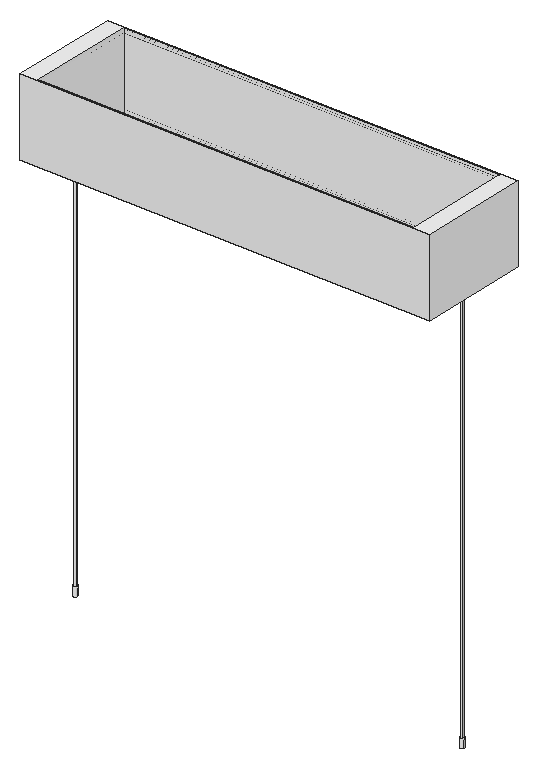
Revit family "MOD 6-P-ID", category Lighting Fixtures, host Face, Revit 2021
Family settings
  Host = Face
  Round Connector Dimension = Use Diameter
  Part Type = Normal
  OmniClass Number = 23.80.70.11.14.17
  OmniClass Title = Direct/Indirect
  Cut with Voids When Loaded = No
  Light Source = Yes
  Shared = Yes
  Room Calculation Point = No
Parameters (values of type "MOD6-P-ID-02")
  Wattage = 19.4 W
  Warranty = "5-Years Warranty"  # constant formula
  built-in parameter 1150110 = 1 (stored number, unit not read)
  Voltage = 120 V
  Type Comments = "Lighting Fixture"  # constant formula
  built-in parameter 1114217 = 1 (stored number, unit not read)
  Tilt Angle = -90.00°
  built-in parameter 1150109 = 1 (stored number, unit not read)
  built-in parameter 1150134 = (empty or 0)
  built-in parameter 1150113 = 1 (stored number, unit not read)
  Product Page URL = ""
  Product Documentation Link = ""
  Power Factor = 1
  Photometric Web File = "6L-P-ID-STD-4-SOF-X-CX-35K-I100-D100.IES"
  Photometric Notes = "More IES files download on Photometric Link"  # constant formula
  Pendant Height [instance] = 2' - 0"
  zz Length 1 = 2' - 0"
  Wattage Comments = ""
  URL = "https://www.currentlighting.com/litecontrol"
  Mounting = "Pendant"  # constant formula
  Model = "MOD 6 LED Pendant Indirect/Direct"  # constant formula
  Manufacturer = "Litecontrol"  # constant formula
  built-in parameter 1150105 = 158.97 (stored number, unit not read)
  Lumens = 1998.2 lm
  built-in parameter 1150115 = 1 (stored number, unit not read)
  Load Classification = Lighting
  built-in parameter 1150137 = (empty or 0)
  built-in parameter 1150139 = (empty or 0)
  built-in parameter 1150112 = 1 (stored number, unit not read)
  built-in parameter 1150114 = 1 (stored number, unit not read)
  Lamp = "LED"  # constant formula
  built-in parameter 1150132 = (empty or 0)
  built-in parameter 1150102 = (empty or 0)
  built-in parameter 1150107 = 3500 (stored number, unit not read)
  built-in parameter 1150138 = (empty or 0)
  built-in parameter 1150106 = 1.5897 (stored number, unit not read)
  Glass = Glass -  White
  Fixture Distribution = "Indirect/Direct"  # constant formula
  Emit from Rectangle Width = zz Length 1 - 0' 2"  # 1' - 10"
  Emit from Rectangle Length = 0' - 6 1/4"  # constant formula
  Emit Shape Visible in Rendering = no
  built-in parameter 1150104 = 9.569 (stored number, unit not read)
  Dimming Lamp Color Temperature Shift = <None>
  Description = "The MOD family is an affordably-priced, full-featured offering with best-in-class attention to detail."  # constant formula
  Default Elevation = 4' - 0"
  Copyright = "Copyright © 2018 Litecontrol"  # constant formula
  Contact Us = ""
  Color Filter = 16777215
  built-in parameter 1114218 = 1 (stored number, unit not read)
  Housing Material = Paint - Matte White
  built-in parameter 1150133 = 10 (stored number, unit not read)
  Assembly Code = "D5020200"
  Apparent Load = 0 VA
Types (7): name | Wattage | zz Length 1 | built-in parameter 1150105 | Lumens | built-in parameter 1150106 | Emit from Rectangle Width
  (no name) | 19.4 W | 2' - 0" | 158.97 (stored number, unit not read) | 1998.2 lm | 1.5897 (stored number, unit not read) | 1' - 10"
  MOD6-P-ID-02 | 19.4 W | 2' - 0" | 158.97 (stored number, unit not read) | 1998.2 lm | 1.5897 (stored number, unit not read) | 1' - 10"
  MOD6-P-ID-03 | 29.1 W | 3' - 0" | 238.45 (stored number, unit not read) | 2997.3 lm | 2.3845 (stored number, unit not read) | 2' - 10"
  MOD6-P-ID-04 | 38.8 W | 4' - 0" | 317.93 (stored number, unit not read) | 3996.4 lm | 3.1793 (stored number, unit not read) | 3' - 10"
  MOD6-P-ID-05 | 48.5 W | 5' - 0" | 397.41 (stored number, unit not read) | 4995.5 lm | 3.9741 (stored number, unit not read) | 4' - 10"
  MOD6-P-ID-06 | 58.2 W | 6' - 0" | 476.9 (stored number, unit not read) | 5994.6 lm | 4.769 (stored number, unit not read) | 5' - 10"
  MOD6-P-ID-08 | 77.6 W | 8' - 0" | 635.86 (stored number, unit not read) | 7992.8 lm | 6.3586 (stored number, unit not read) | 7' - 10"
Reference planes (in)
  plane 1 "Center (Front/Back)": y = 13.01342
  plane 2: z = 0
  plane 3 "Center (Left/Right)": x = 0
  plane 4: z = 24
  plane 5: x = -12
  plane 6: x = 12
  plane 7: x = -11.3125
  plane 8: x = 11.3125
  plane 9: z = 0.5
  plane 10: z = 26.75
Forms (in)
  Revolve 1, solid, material "Paint - Matte White" <- "Housing Material"
    sketch origin (-5.75, 13.01342, 0) x (-1, 0, 0) y (0, 0, 1)
      loop
        line (-17.0625, 24) -> (-17.0625, 0) -> (-16.9375, 0) -> (-16.9375, 0.5) -> (-17, 0.5) -> (-17, 23.5) -> (-16.9375, 23.5) -> (-16.9375, 24) -> (-17.0625, 24)
      axis (-17.0625, 24) -> (-17.0625, 0)
    angle from 0 to 360
  Revolve 2, solid, material "Paint - Matte White" <- "Housing Material"
    sketch origin (5.75, 13.01342, 0) x (1, 0, 0) y (0, 0, 1)
      loop
        line (-17.0625, 24) -> (-17.0625, 0) -> (-16.9375, 0) -> (-16.9375, 0.5) -> (-17, 0.5) -> (-17, 23.5) -> (-16.9375, 23.5) -> (-16.9375, 24) -> (-17.0625, 24)
      axis (-17.0625, 24) -> (-17.0625, 0)
    angle from 0 to 360
Dimensions and locks (in)
  "Pendant Height": plane 4 to level
  equal spacing: plane 6, plane 3 "Center (Left/Right)", plane 5
  "zz Length 1": plane 6 to plane 5
  locked: plane 9 to plane 2 at 0.5
  locked: plane 7 to plane 5 at 0.6875
  locked: plane 6 to plane 8 at 0.6875
  locked: plane 10 to plane 4 at 2.75
  aligned and locked: plane 2 to host face
  aligned and locked: level to host face
  aligned and locked: Revolve 1 sketch curve to Revolve 1 sketch curve
  aligned and locked: Revolve 1 sketch curve to plane 8
  aligned and locked: plane 4 to Revolve 1 sketch curve
  aligned and locked: Revolve 1 sketch curve to level
  aligned and locked: plane 3 "Center (Left/Right)" to nested 1
  aligned and locked: plane 1 "Center (Front/Back)" to nested 1
  aligned and locked: Revolve 2 sketch curve to Revolve 2 sketch curve
  aligned and locked: plane 9 to Revolve 2
  aligned and locked: Revolve 1 to plane 9
  aligned and locked: plane 10 to imposter light
  aligned and locked: plane 3 "Center (Left/Right)" to imposter light
  aligned and locked: plane 2 to Revolve 2
Automatic sketch dimensions
  host sketch curve to host sketch curve = 8' - 0"  (x2)
  Revolve 1 sketch curve to plane 9 = 0' - 0"
  plane 8 to Revolve 1 sketch curve = 0' - 0 1/16"
  plane 8 to Revolve 1 sketch curve = 0' - 0 1/8"
  Revolve 1 sketch curve to Revolve 1 sketch curve = 0' - 0 1/16"
  Revolve 1 sketch curve to plane 9 = 0' - 0.66777"
  Revolve 1 sketch curve to Revolve 1 sketch curve = 0' - 9.83778"
  Revolve 2 sketch curve to plane 7 = 0' - 0"
  plane 9 to Revolve 2 sketch curve = 0' - 0"
  Revolve 2 sketch curve to level = 0' - 0"
  Revolve 2 sketch curve to plane 4 = 0' - 0"
  plane 7 to Revolve 2 sketch curve = 0' - 0 1/16"
  plane 7 to Revolve 2 sketch curve = 0' - 0 1/8"
  Revolve 2 sketch curve to Revolve 2 sketch curve = 0' - 0 1/16"
  plane 9 to Revolve 2 sketch curve = 0' - 0.66777"
  Revolve 2 sketch curve to Revolve 2 sketch curve = 0' - 9.83778"
  plane 4 to Revolve 1 sketch curve = 0' - 0 1/2"
  Revolve 2 sketch curve to plane 4 = 0' - 0 1/2"
Nested families (in)
  nested 1: "6-P" at (-0.01104, 12.97343, 24), Glass <- "Glass", Backbox <- "Housing Material", Length <- "zz Length 1", type "6-P"
    with Length 2' - 0", Glass Glass -  White, Backbox Paint - Matte White
Connectors (in)
  electrical at (0, 13.01342, 24), driven by "Load Classification", driven by "Voltage", driven by "Apparent Load", driven by "Power Factor"
    settings: on nested 1, index 1, voltage 120 V, apparent load 0 VA, apparent load phase1 0 VA, apparent load phase2 0 VA, apparent load phase3 0 VA, power factor 1, load classification "Lighting", number of poles 1, system type 30, power factor state 1, is connector primary yes, connector utility no, sub classification motor no, connector description "Electrical Connector"
Definition of nested family "6-P"
  Parameters
    Wattage Comments = ""
    URL = ""
    Model = ""
    Manufacturer = ""
    Length [instance] = 2' - 0"
    Lamp = ""
    Glass [instance] = none
    Description = ""
    Default Elevation = 4' - 0"
    Backbox [instance] = none
    Apparent Load = 0 VA
  Reference planes (in)
    plane 1 "Center (Front/Back)": y = 0.03999
    plane 2: z = 0
    plane 3 "Center (Left/Right)": x = 0.01104
    plane 4: z = 4.5
    plane 5: x = -11.98896
    plane 6: x = 12.01104
    plane 7: x = -10.98896
    plane 8: x = 11.01104
    plane 9: y = 3.16499
    plane 10: y = -3.08501
    plane 11: y = -3.17501
    plane 12: y = 3.25499
    plane 13: z = 4.375
    plane 14: z = 4.25
    plane 15: z = 0.125
    plane 16: z = 0.25
  Forms (in)
    Extrusion 1, solid
      sketch origin (0, 0, 0.06357) x (1, 0, 0) y (0, 1, 0)
        loop
          line (-48, 48) -> (-48, -48) -> (48, -48) -> (48, 48) -> (-48, 48)
      from -0.06357 to -12.81105
    Extrusion 2, void
      sketch origin (-23.78896, 8.13374, 2) x (0, -1, 0) y (1, 0, 0)
        loop
          line (4.96875, 12.8) -> (11.21875, 12.8) -> (11.21875, 34.8) -> (4.96875, 34.8) -> (4.96875, 12.8)
      from 2.5 to -2
    Extrusion 3, solid, material <- "Backbox"
      sketch origin (0.01104, 0, 0) x (0, 1, 0) y (0, 0, 1)
        loop
          line (3.25499, 4.5) -> (-3.17501, 4.5) -> (-3.17501, 0) -> (3.25499, 0) -> (3.25499, 4.5)
      from -12 to 12
    Extrusion 4, solid, material <- "Glass"
      sketch origin (0, 0, 0) x (1, 0, 0) y (0, 1, 0)
        loop
          line (-10.98896, 3.16499) -> (-10.98896, -3.08501) -> (11.01104, -3.08501) -> (11.01104, 3.16499) -> (-10.98896, 3.16499)
      from 4.25 to 4.375
    Extrusion 5, solid, material <- "Glass"
      sketch origin (0, 0, 4.5) x (0, -1, 0) y (1, 0, 0)
        loop
          line (-3.16499, -10.98896) -> (3.08501, -10.98896) -> (3.08501, 11.01104) -> (-3.16499, 11.01104) -> (-3.16499, -10.98896)
      from -4.375 to -4.25
  Cuts and joins
    Extrusion 2 cuts Extrusion 3
  Dimensions and locks (in)
    "Length": plane 6 to plane 5
    locked: plane 7 to plane 5 at 1
    locked: plane 6 to plane 8 at 1
    equal spacing: plane 6, plane 3 "Center (Left/Right)", plane 5
    plane 4 to plane 2 = 0' - 4 1/2"
    locked: plane 4 to plane 13 at 0.125
    locked: plane 13 to plane 14 at 0.125
    plane 12 to plane 11 = 0' - 6.43"
    equal spacing: plane 12, plane 1 "Center (Front/Back)", plane 11
    equal spacing: plane 9, plane 1 "Center (Front/Back)", plane 10
    plane 1 "Center (Front/Back)" to plane 11 = 0' - 3.215"
    plane 1 "Center (Front/Back)" to plane 10 = 0' - 3 1/8"
    plane 9 to plane 10 = 0' - 6 1/4"
    locked: plane 15 to plane 16 at 0.125
    aligned and locked: plane 2 to Extrusion 1
    aligned and locked: plane 9 to Extrusion 2 sketch curve
    aligned and locked: plane 10 to Extrusion 2 sketch curve
    aligned and locked: plane 4 to Extrusion 3 sketch curve
    aligned and locked: plane 12 to Extrusion 3 sketch curve
    aligned and locked: Extrusion 3 sketch curve to level
    aligned and locked: plane 11 to Extrusion 3 sketch curve
    aligned and locked: Extrusion 3 to plane 5
    aligned and locked: plane 6 to Extrusion 3
    aligned and locked: plane 8 to Extrusion 2
    aligned and locked: Extrusion 2 to plane 7
    aligned and locked: plane 4 to Extrusion 2
    aligned and locked: Extrusion 4 sketch curve to cut or joined group of Extrusion 2, Extrusion 3  (x4)
    aligned and locked: Extrusion 4 to plane 14
    aligned and locked: plane 13 to Extrusion 4
    aligned and locked: Extrusion 3 to Extrusion 2
    aligned and locked: plane 15 to Extrusion 5
    aligned and locked: Extrusion 5 to plane 16
  Automatic sketch dimensions
    Extrusion 1 sketch curve to Extrusion 1 sketch curve = 8' - 0"  (x2)
    Extrusion 2 sketch curve to plane 7 = 0' - 0"
    Extrusion 2 sketch curve to plane 8 = 0' - 0"
    Extrusion 5 sketch curve to plane 8 = 0' - 0"
    plane 9 to Extrusion 5 sketch curve = 0' - 0"
    Extrusion 5 sketch curve to plane 7 = 0' - 0"
    Extrusion 5 sketch curve to plane 10 = 0' - 0"
